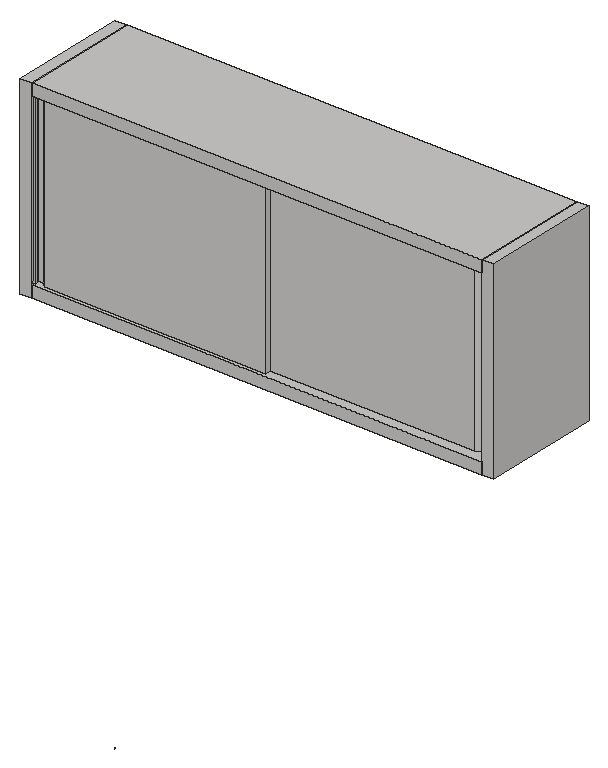
Revit family "QF_ELECTROLUXPROFESSIONAL_133212_PSS1600LCN", category Attrezzature speciali, Revit 2020
Family settings
  Quota connettore circolare = Usa diametro
  Tipo di parte = Normale
  Basato su piano di lavoro = No
  Sempre verticale = Sì
  Taglio con vuoti quando caricato = No
  Condiviso = No
  Punto di calcolo locali = No
Parameters (values of type "Standard")
  Weight = 31.00 kg
  Watts = 0 W
  Volts = 0 V
  URL Manufacturer = "https://www.electroluxprofessional.com/"
  URL = "https://www.electroluxprofessional.com/"
  Steam Supply Size = 0 mm
  Steam Supply Minimum Pressure = 0.0 Pa
  Steam Supply Maximum Pressure = 0.0 Pa
  Steam Consumption per Hour = 0
  Refrigeration Suction Line Size = 0.0 mm
  Refrigeration Liquid Line Size = 0.0 mm
  Refrigerant Compressor Remote = yes
  Prospetto di default = 0.0 mm
  Phase = 0
  Modello = "PSS1600LCN"
  Produttore = "Electrolux Professional"
  Length Actual = 1600.0 mm  # constant formula
  Item Number = "133212"
  Hot Water Size = 0 mm
  Height Actual = 650.0 mm  # constant formula
  HP = "0 HP"
  Gas Size = 0 mm
  Gas KW = 0
  Gas Input Pressure = 0 W
  Direct Waste Size = 0 mm
  Descrizione = "WALL CUPBOARD+ PLATE RACK 2 DOORS 1600MM"
  Depth Actual = 400.0 mm  # constant formula
  Cycle = 0 Hz
  Condensate Return Size = 0 mm
  Compressed Air Volume = 0.0 L/s
  Compressed Air Size = 0 mm
  Compressed Air Pressure = 0.0 Pa
  Cold Water Size = 0 mm
  Accessory = yes
Reference planes
  plane 1 "Center (Front/Back)": y = 0
  plane 2: z = 0
  plane 3 "Center (Left/Right)": x = -300
  plane 4 "LEFT": x = -1100
  plane 5 "RIGHT": x = 500
  plane 6 "BACK": y = 200
  plane 7 "FRONT": y = -200
  plane 8 "Base": z = 2200
  plane 9 "BASE": z = 1550
  plane 10: x = -1060
  plane 11: x = 460
  plane 12: y = -197
  plane 13: y = 150
  plane 14: y = 197
Forms (mm)
  Extrusion 1, solid, material "QF_Finishes_Stainless Steel"
    sketch origin (0, 0, 1550) x (-1, 0, 0) y (0, -1, 0)
      loop
        line (1100, -200) -> (1100, 200) -> (1060, 200) -> (1060, -200) -> (1100, -200)
      loop
        line (-460, -200) -> (-460, 200) -> (-500, 200) -> (-500, -200) -> (-460, -200)
    from 0 to 650
  Extrusion 2, solid, material "QF_Finishes_Stainless Steel"
    sketch origin (0, 0, 1550) x (-1, 0, 0) y (0, -1, 0)
      loop
        line (1060, -150) -> (1060, 200) -> (-460, 200) -> (-460, -150) -> (1060, -150)
    from 0 to 40
  Extrusion 3, solid, material "QF_Finishes_Stainless Steel"
    sketch origin (0, 0, 0) x (1, 0, 0) y (0, 1, 0)
      loop
        line (-1060, -200) -> (460, -200) -> (460, 200) -> (-1060, 200) -> (-1060, -200)
    from 2160 to 2200
  Extrusion 4, solid, material "QF_Finishes_Stainless Steel"
    sketch origin (0, 0, 0) x (1, 0, 0) y (0, 1, 0)
      loop
        line (-273.481, -197) -> (-273.481, -177) -> (-1057, -177) -> (-1057, -197) -> (-1047, -197) -> (-1047, -194) -> (-1054, -194) -> (-1054, -182) -> (-1037, -182) -> (-1017, -197) -> (-273.481, -197)
    from 1597 to 2160
  Extrusion 5, solid, material "QF_Finishes_Stainless Steel"
    sketch origin (0, 0, 0) x (1, 0, 0) y (0, 1, 0)
      loop
        line (-326.5, -177) -> (417, -177) -> (437, -162) -> (454, -162) -> (454, -174) -> (447, -174) -> (447, -177) -> (457, -177) -> (457, -157) -> (-326.5, -157) -> (-326.5, -177)
    from 2160 to 1597
  Extrusion 6, solid, material "QF_Finishes_Stainless Steel"
    sketch origin (0, 0, 0) x (1, 0, 0) y (0, 1, 0)
      loop
        line (-273.481, 197) -> (-1017, 197) -> (-1037, 182) -> (-1054, 182) -> (-1054, 194) -> (-1047, 194) -> (-1047, 197) -> (-1057, 197) -> (-1057, 177) -> (-273.481, 177) -> (-273.481, 197)
    from 1597 to 2160
  Extrusion 7, solid, material "QF_Finishes_Stainless Steel"
    sketch origin (0, 0, 0) x (1, 0, 0) y (0, 1, 0)
      loop
        line (-326.5, 177) -> (-326.5, 157) -> (457, 157) -> (457, 177) -> (447, 177) -> (447, 174) -> (454, 174) -> (454, 162) -> (437, 162) -> (417, 177) -> (-326.5, 177)
    from 2160 to 1597
  Extrusion 8, solid, material "QF_Finishes_Stainless Steel"
    sketch origin (0, 0, 0) x (1, 0, 0) y (0, 1, 0)
      loop
        line (-1100, 200) -> (-1100, 199) -> (-1099, 199) -> (-1099, 200) -> (-1100, 200)
    from 0 to 1
Lines and regions (mm)
  symbolic lines, style "SpecialityEquipmentHiddenLines"
    curve 1: line (457, -157, 0) -> (-326.5, -157, 0)
    curve 2: line (-326.5, -157, 0) -> (-326.5, -177, 0)
    curve 3: line (417, -177, 0) -> (-1057, -177, 0)
    curve 4: line (-273.5, -177, 0) -> (-273.5, -197, 0)
    curve 5: line (-1057, -177, 0) -> (-1057, -197, 0)
    curve 6: line (-1028, -182, 0) -> (-1054, -182, 0)
    curve 20: line (457, 157, 0) -> (-326.5, 157, 0)
    curve 21: line (-326.5, 157, 0) -> (-326.5, 177, 0)
    curve 22: line (417, 177, 0) -> (-1057, 177, 0)
    curve 23: line (-273.5, 177, 0) -> (-273.5, 197, 0)
    curve 24: line (-1057, 177, 0) -> (-1057, 197, 0)
    curve 25: line (-1028, 182, 0) -> (-1054, 182, 0)
    curve 41: line (-1017, -197, 0) -> (-273.5, -197, 0)
    curve 42: line (-1057, -197, 0) -> (-1047, -197, 0)
    curve 43: line (-1047, 197, 0) -> (-1057, 197, 0)
    curve 44: line (-1017, 197, 0) -> (-273.5, 197, 0)
  symbolic lines
    curve 7: line (-1100, 200, 0) -> (500, -200, 0)
    curve 8: line (500, 200, 0) -> (-1100, -200, 0)
    curve 9: line (-1028, -182, 0) -> (-1017, -197, 0)
    curve 10: line (-1054, -182, 0) -> (-1054, -194, 0)
    curve 11: line (-1054, -194, 0) -> (-1047, -194, 0)
    curve 12: line (-1047, -194, 0) -> (-1047, -197, 0)
    curve 13: line (457, -157, 0) -> (457, -177, 0)
    curve 14: line (457, -177, 0) -> (447, -177, 0)
    curve 15: line (447, -177, 0) -> (447, -174, 0)
    curve 16: line (447, -174, 0) -> (454, -174, 0)
    curve 17: line (454, -174, 0) -> (454, -162, 0)
    curve 18: line (454, -162, 0) -> (437, -162, 0)
    curve 19: line (417, -177, 0) -> (437, -162, 0)
    curve 26: line (-1028, 182, 0) -> (-1017, 197, 0)
    curve 27: line (-1054, 182, 0) -> (-1054, 194, 0)
    curve 28: line (-1054, 194, 0) -> (-1047, 194, 0)
    curve 29: line (-1047, 194, 0) -> (-1047, 197, 0)
    curve 30: line (457, 157, 0) -> (457, 177, 0)
    curve 31: line (457, 177, 0) -> (447, 177, 0)
    curve 32: line (447, 177, 0) -> (447, 174, 0)
    curve 33: line (447, 174, 0) -> (454, 174, 0)
    curve 34: line (454, 174, 0) -> (454, 162, 0)
    curve 35: line (454, 162, 0) -> (437, 162, 0)
    curve 36: line (417, 177, 0) -> (437, 162, 0)
    curve 37: line (-1100, 200, 0) -> (500, 200, 0)
    curve 38: line (-1100, -200, 0) -> (-1100, 200, 0)
    curve 39: line (500, -200, 0) -> (-1100, -200, 0)
    curve 40: line (500, 200, 0) -> (500, -200, 0)
Dimensions and locks
  plane 4 "LEFT" to plane 5 "RIGHT" = 1600.0 mm
  equal spacing: plane 4 "LEFT", plane 3 "Center (Left/Right)", plane 5 "RIGHT"
  plane 6 "BACK" to plane 7 "FRONT" = 400.0 mm
  equal spacing: plane 6 "BACK", plane 1 "Center (Front/Back)", plane 7 "FRONT"
  plane 9 "BASE" to level = 1550.0 mm
  locked: plane 4 "LEFT" to plane 10 at 40
  locked: plane 11 to plane 5 "RIGHT" at 40
  plane 12 to plane 7 "FRONT" = 3.0 mm
  plane 6 "BACK" to plane 13 = 50.0 mm
  locked: plane 8 "Base" to plane 9 "BASE" at 650
  aligned and locked: level to plane 2
  aligned and locked: plane 8 "Base" to Extrusion 1
  aligned and locked: plane 6 "BACK" to Extrusion 1 sketch curve
  aligned and locked: Extrusion 1 sketch curve to plane 6 "BACK"
  aligned and locked: plane 7 "FRONT" to Extrusion 1 sketch curve
  aligned and locked: Extrusion 1 sketch curve to plane 7 "FRONT"
  aligned and locked: plane 10 to Extrusion 1
  aligned and locked: Extrusion 1 to plane 11
  aligned and locked: Extrusion 2 to plane 10
  aligned and locked: plane 11 to Extrusion 2
  aligned and locked: plane 8 "Base" to Extrusion 3
  aligned and locked: Extrusion 2 to plane 13
  aligned and locked: Extrusion 3 to plane 7 "FRONT"
  aligned and locked: Extrusion 2 to plane 7 "FRONT"
Automatic sketch dimensions
  Extrusion 1 sketch curve to plane 5 "RIGHT" = 0.0 mm
  Extrusion 1 sketch curve to plane 11 = 0.0 mm
  Extrusion 1 sketch curve to plane 10 = 0.0 mm
  Extrusion 1 sketch curve to plane 4 "LEFT" = 0.0 mm
  Extrusion 2 sketch curve to plane 11 = 0.0 mm
  Extrusion 2 sketch curve to plane 10 = 0.0 mm
  plane 13 to Extrusion 2 sketch curve = 0.0 mm
  Extrusion 2 sketch curve to plane 12 = 3.0 mm
  Extrusion 3 sketch curve to plane 10 = 0.0 mm
  Extrusion 3 sketch curve to plane 11 = 0.0 mm
  Extrusion 3 sketch curve to plane 12 = 3.0 mm
  Extrusion 3 sketch curve to plane 14 = 3.0 mm
  Extrusion 4 sketch curve to plane 12 = 0.0 mm  (x2)
  plane 10 to Extrusion 4 sketch curve = 3.0 mm
  Extrusion 4 sketch curve to Extrusion 4 sketch curve = 3.0 mm
  Extrusion 4 sketch curve to Extrusion 4 sketch curve = 7.0 mm
  Extrusion 4 sketch curve to Extrusion 4 sketch curve = 10.0 mm
  plane 3 "Center (Left/Right)" to Extrusion 4 sketch curve = 26.519 mm
  plane 12 to Extrusion 4 sketch curve = 3.0 mm
  Extrusion 4 sketch curve to Extrusion 4 sketch curve = 12.0 mm
  Extrusion 4 sketch curve to Extrusion 4 sketch curve = 20.0 mm  (x2)
  Extrusion 4 sketch curve to Extrusion 4 sketch curve = 0.0 mm
  Extrusion 5 sketch curve to plane 3 "Center (Left/Right)" = 26.5 mm
  plane 12 to Extrusion 5 sketch curve = 20.0 mm  (x2)
  Extrusion 5 sketch curve to plane 11 = 43.0 mm
  Extrusion 5 sketch curve to plane 11 = 23.0 mm
  Extrusion 5 sketch curve to plane 11 = 13.0 mm
  Extrusion 5 sketch curve to plane 11 = 6.0 mm
  Extrusion 5 sketch curve to plane 11 = 3.0 mm
  Extrusion 5 sketch curve to Extrusion 5 sketch curve = 3.0 mm
  Extrusion 5 sketch curve to Extrusion 5 sketch curve = 12.0 mm
  Extrusion 5 sketch curve to Extrusion 5 sketch curve = 20.0 mm
  plane 14 to Extrusion 6 sketch curve = 0.0 mm  (x2)
  Extrusion 6 sketch curve to plane 10 = 3.0 mm
  Extrusion 6 sketch curve to Extrusion 6 sketch curve = 3.0 mm
  Extrusion 6 sketch curve to Extrusion 6 sketch curve = 7.0 mm
  Extrusion 6 sketch curve to Extrusion 6 sketch curve = 10.0 mm
  Extrusion 6 sketch curve to plane 3 "Center (Left/Right)" = 26.519 mm
  Extrusion 6 sketch curve to plane 14 = 3.0 mm
  Extrusion 6 sketch curve to Extrusion 6 sketch curve = 12.0 mm
  Extrusion 6 sketch curve to Extrusion 6 sketch curve = 20.0 mm  (x2)
  Extrusion 6 sketch curve to Extrusion 6 sketch curve = 0.0 mm
  plane 3 "Center (Left/Right)" to Extrusion 7 sketch curve = 26.5 mm
  Extrusion 7 sketch curve to plane 14 = 20.0 mm  (x2)
  plane 11 to Extrusion 7 sketch curve = 43.0 mm
  plane 11 to Extrusion 7 sketch curve = 23.0 mm
  plane 11 to Extrusion 7 sketch curve = 13.0 mm
  plane 11 to Extrusion 7 sketch curve = 6.0 mm
  plane 11 to Extrusion 7 sketch curve = 3.0 mm
  Extrusion 7 sketch curve to Extrusion 7 sketch curve = 3.0 mm
  Extrusion 7 sketch curve to Extrusion 7 sketch curve = 12.0 mm
  plane 13 to Extrusion 7 sketch curve = 7.0 mm
  Extrusion 8 sketch curve to plane 6 "BACK" = 0.0 mm
  Extrusion 8 sketch curve to plane 4 "LEFT" = 0.0 mm
  plane 4 "LEFT" to Extrusion 8 sketch curve = 1.0 mm
  Extrusion 8 sketch curve to plane 6 "BACK" = 1.0 mm
  curve 39 to plane 4 "LEFT" = 0.0 mm
  curve 5 to plane 12 = 0.0 mm
  plane 14 to curve 24 = 0.0 mm
  curve 41 to plane 12 = 0.0 mm
  plane 14 to curve 26 = 0.0 mm
  curve 40 to plane 5 "RIGHT" = 0.0 mm
  curve 7 to plane 7 "FRONT" = 0.0 mm
  curve 7 to plane 6 "BACK" = 0.0 mm
  plane 10 to curve 24 = 3.0 mm
  plane 10 to curve 5 = 3.0 mm
  curve 24 to curve 27 = 3.0 mm
  curve 3 to curve 6 = 3.0 mm
  plane 12 to curve 12 = 3.0 mm
  curve 10 to curve 12 = 7.0 mm
  curve 27 to curve 29 = 7.0 mm
  curve 12 to curve 41 = 30.0 mm
  curve 29 to curve 26 = 30.0 mm
  curve 1 to plane 3 "Center (Left/Right)" = 26.5 mm
  curve 20 to plane 13 = 7.0 mm
  curve 20 to plane 3 "Center (Left/Right)" = 26.5 mm
  plane 3 "Center (Left/Right)" to curve 23 = 26.5 mm
  plane 3 "Center (Left/Right)" to curve 41 = 26.5 mm
  plane 12 to curve 3 = 20.0 mm
  curve 3 to plane 11 = 43.0 mm
  plane 14 to curve 36 = 20.0 mm
  curve 36 to plane 11 = 43.0 mm
  curve 36 to plane 11 = 23.0 mm
  curve 18 to plane 11 = 23.0 mm
  curve 14 to plane 11 = 13.0 mm
  curve 31 to plane 11 = 13.0 mm
  curve 34 to plane 11 = 6.0 mm
  curve 17 to plane 11 = 6.0 mm
  curve 31 to plane 11 = 3.0 mm
  curve 13 to plane 11 = 3.0 mm
  curve 6 to curve 3 = 5.0 mm
  plane 12 to curve 13 = 20.0 mm
  curve 14 to curve 16 = 3.0 mm
  curve 15 to curve 19 = 12.0 mm
  curve 2 to curve 2 = 20.0 mm
  curve 20 to curve 35 = 5.0 mm
  curve 34 to curve 33 = 12.0 mm
  curve 33 to curve 30 = 3.0 mm
  curve 22 to curve 25 = 5.0 mm
  plane 14 to curve 28 = 3.0 mm
  plane 14 to curve 26 = 15.0 mm
  plane 12 to curve 9 = 15.0 mm
